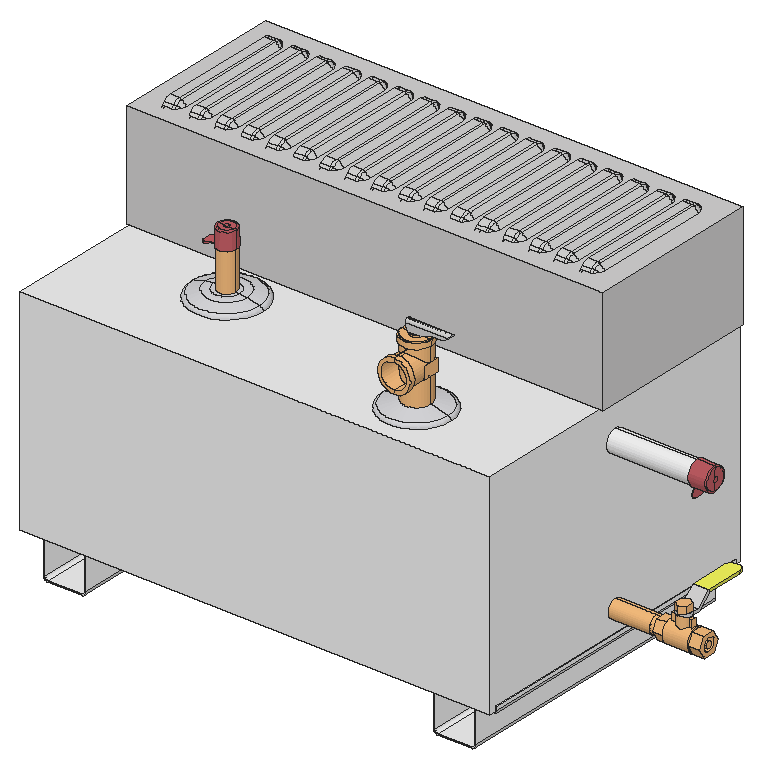
Revit family "Shower-Steam_Generator-KOHLER-Invigoration_Series-K-32335", category Plumbing Fixtures, host Face, Revit 2021 (continued)
Definition of nested family "K-32335"
  Lines and regions (in)
    symbolic lines, detail levels medium+fine
      curve 493: line (3.63386, 5.1516, 0) -> (3.8622, 5.1516, 0)
      curve 494: arc (4.22441, 0.37207, 0) -> (4.11832, 0.11595, 0) -> (3.8622, 0.00987, 0) r 0.3622
      curve 495: line (3.8622, 0.00987, 0) -> (3.63386, 0.00987, 0)
      curve 496: line (3.63386, 0.19057, 0) -> (3.88433, 0.19057, 0)
      curve 497: line (3.63386, 4.95475, 0) -> (3.88433, 4.95475, 0)
      curve 498: line (4.04181, 4.79727, 0) -> (4.04181, 0.34805, 0)
      curve 499: arc (3.88433, 0.19057, 0) -> (3.99569, 0.2367, 0) -> (4.04181, 0.34805, 0) r 0.15748
      curve 500: arc (3.88433, 4.95475, 0) -> (3.99569, 4.90862, 0) -> (4.04181, 4.79727, 0) r 0.15748
      curve 501: line (3.8622, 5.1516, 0) -> (3.8622, 4.95475, 0)
      curve 502: line (4.22441, 4.78939, 0) -> (4.04181, 4.78939, 0)
      curve 503: line (4.22441, 0.37207, 0) -> (4.04181, 0.37207, 0)
      curve 504: line (3.8622, 0.00987, 0) -> (3.8622, 0.19057, 0)
      curve 505: line (4.61811, 5.1516, 0) -> (4.61811, 0.00987, 0)
      curve 506: line (5.20866, 4.78939, 0) -> (5.20866, 0.37207, 0)
      curve 507: arc (4.84646, 5.1516, 0) -> (5.10257, 5.04551, 0) -> (5.20866, 4.78939, 0) r 0.3622
      curve 508: line (4.61811, 5.1516, 0) -> (4.84646, 5.1516, 0)
      curve 509: arc (5.20866, 0.37207, 0) -> (5.10257, 0.11595, 0) -> (4.84646, 0.00987, 0) r 0.3622
      curve 510: line (4.84646, 0.00987, 0) -> (4.61811, 0.00987, 0)
      curve 511: line (4.61811, 0.19057, 0) -> (4.86858, 0.19057, 0)
      curve 512: line (4.61811, 4.95475, 0) -> (4.86858, 4.95475, 0)
      curve 513: line (5.02607, 4.79727, 0) -> (5.02607, 0.34805, 0)
      curve 514: arc (4.86858, 0.19057, 0) -> (4.97994, 0.2367, 0) -> (5.02607, 0.34805, 0) r 0.15748
      curve 515: arc (4.86858, 4.95475, 0) -> (4.97994, 4.90862, 0) -> (5.02607, 4.79727, 0) r 0.15748
      curve 516: line (4.84646, 5.1516, 0) -> (4.84646, 4.95475, 0)
      curve 517: line (5.20866, 4.78939, 0) -> (5.02607, 4.78939, 0)
      curve 518: line (5.20866, 0.37207, 0) -> (5.02607, 0.37207, 0)
      curve 519: line (4.84646, 0.00987, 0) -> (4.84646, 0.19057, 0)
      curve 520: line (5.60236, 5.1516, 0) -> (5.60236, 0.00987, 0)
      curve 521: line (6.19291, 4.78939, 0) -> (6.19291, 0.37207, 0)
      curve 522: arc (5.83071, 5.1516, 0) -> (6.08683, 5.04551, 0) -> (6.19291, 4.78939, 0) r 0.3622
      curve 523: line (5.60236, 5.1516, 0) -> (5.83071, 5.1516, 0)
      curve 524: arc (6.19291, 0.37207, 0) -> (6.08683, 0.11595, 0) -> (5.83071, 0.00987, 0) r 0.3622
      curve 525: line (5.83071, 0.00987, 0) -> (5.60236, 0.00987, 0)
      curve 526: line (5.60236, 0.19057, 0) -> (5.85284, 0.19057, 0)
      curve 527: line (5.60236, 4.95475, 0) -> (5.85284, 4.95475, 0)
      curve 528: line (6.01032, 4.79727, 0) -> (6.01032, 0.34805, 0)
      curve 529: arc (5.85284, 0.19057, 0) -> (5.96419, 0.2367, 0) -> (6.01032, 0.34805, 0) r 0.15748
      curve 530: arc (5.85284, 4.95475, 0) -> (5.96419, 4.90862, 0) -> (6.01032, 4.79727, 0) r 0.15748
      curve 531: line (5.83071, 5.1516, 0) -> (5.83071, 4.95475, 0)
      curve 532: line (6.19291, 4.78939, 0) -> (6.01032, 4.78939, 0)
      curve 533: line (6.19291, 0.37207, 0) -> (6.01032, 0.37207, 0)
      curve 534: line (5.83071, 0.00987, 0) -> (5.83071, 0.19057, 0)
      curve 535: line (6.58661, 5.1516, 0) -> (6.58661, 0.00987, 0)
      curve 536: line (7.17717, 4.78939, 0) -> (7.17717, 0.37207, 0)
      curve 537: arc (6.81496, 5.1516, 0) -> (7.07108, 5.04551, 0) -> (7.17717, 4.78939, 0) r 0.3622
      curve 538: line (6.58661, 5.1516, 0) -> (6.81496, 5.1516, 0)
      curve 539: arc (7.17717, 0.37207, 0) -> (7.07108, 0.11595, 0) -> (6.81496, 0.00987, 0) r 0.3622
      curve 540: line (6.81496, 0.00987, 0) -> (6.58661, 0.00987, 0)
      curve 541: line (6.58661, 0.19057, 0) -> (6.83709, 0.19057, 0)
      curve 542: line (6.58661, 4.95475, 0) -> (6.83709, 4.95475, 0)
      curve 543: line (6.99457, 4.79727, 0) -> (6.99457, 0.34805, 0)
      curve 544: arc (6.83709, 0.19057, 0) -> (6.94844, 0.2367, 0) -> (6.99457, 0.34805, 0) r 0.15748
      curve 545: arc (6.83709, 4.95475, 0) -> (6.94844, 4.90862, 0) -> (6.99457, 4.79727, 0) r 0.15748
      curve 546: line (6.81496, 5.1516, 0) -> (6.81496, 4.95475, 0)
      curve 547: line (7.17717, 4.78939, 0) -> (6.99457, 4.78939, 0)
      curve 548: line (7.17717, 0.37207, 0) -> (6.99457, 0.37207, 0)
      curve 549: line (6.81496, 0.00987, 0) -> (6.81496, 0.19057, 0)
      curve 550: line (7.57087, 5.1516, 0) -> (7.57087, 0.00987, 0)
      curve 551: line (8.16142, 4.78939, 0) -> (8.16142, 0.37207, 0)
      curve 552: arc (7.79921, 5.1516, 0) -> (8.05533, 5.04551, 0) -> (8.16142, 4.78939, 0) r 0.3622
      curve 553: line (7.57087, 5.1516, 0) -> (7.79921, 5.1516, 0)
      curve 554: arc (8.16142, 0.37207, 0) -> (8.05533, 0.11595, 0) -> (7.79921, 0.00987, 0) r 0.3622
      curve 555: line (7.79921, 0.00987, 0) -> (7.57087, 0.00987, 0)
      curve 556: line (7.57087, 0.19057, 0) -> (7.82134, 0.19057, 0)
      curve 557: line (7.57087, 4.95475, 0) -> (7.82134, 4.95475, 0)
      curve 558: line (7.97882, 4.79727, 0) -> (7.97882, 0.34805, 0)
      curve 559: arc (7.82134, 0.19057, 0) -> (7.9327, 0.2367, 0) -> (7.97882, 0.34805, 0) r 0.15748
      curve 560: arc (7.82134, 4.95475, 0) -> (7.9327, 4.90862, 0) -> (7.97882, 4.79727, 0) r 0.15748
      curve 561: line (7.79921, 5.1516, 0) -> (7.79921, 4.95475, 0)
      curve 562: line (8.16142, 4.78939, 0) -> (7.97882, 4.78939, 0)
      curve 563: line (8.16142, 0.37207, 0) -> (7.97882, 0.37207, 0)
      curve 564: line (7.79921, 0.00987, 0) -> (7.79921, 0.19057, 0)
      curve 565: arc (-5.66929, -0.3799, 0) -> (-5.55118, -0.49801, 0) -> (-5.43307, -0.3799, 0) r 0.11811
      curve 566: arc (-5.43307, -0.3799, 0) -> (-5.55118, -0.26179, 0) -> (-5.66929, -0.3799, 0) r 0.11811
      curve 567: arc (5.43307, -0.3799, 0) -> (5.55118, -0.49801, 0) -> (5.66929, -0.3799, 0) r 0.11811
      curve 568: arc (5.66929, -0.3799, 0) -> (5.55118, -0.26179, 0) -> (5.43307, -0.3799, 0) r 0.11811
      curve 569: line (-8.92126, -0.70669, 0) -> (8.92126, -0.70667, 0)
      curve 570: arc (-7.90354, -5.52163, 0) -> (-7.97244, -5.59053, 0) -> (-8.04134, -5.52163, 0) r 0.0689
      curve 571: arc (-8.04134, -5.52163, 0) -> (-7.97244, -5.45273, 0) -> (-7.90354, -5.52163, 0) r 0.0689
      curve 572: arc (7.90354, -5.52163, 0) -> (7.97244, -5.59053, 0) -> (8.04134, -5.52163, 0) r 0.0689
      curve 573: arc (8.04134, -5.52163, 0) -> (7.97244, -5.45273, 0) -> (7.90354, -5.52163, 0) r 0.0689
      curve 574: circle (-4.02165, -2.30118, 0) r 1.25539 normal (0, 0, 1)
      curve 575: circle (-4.02165, -2.30118, 0) r 1.14844 normal (0, 0, 1)
      curve 576: arc (-4.47651, -2.10642, 0) -> (-3.49357, -2.26331, 0) -> (-4.44487, -2.55625, 0) r 0.51097
      curve 577: arc (-4.34385, -2.2126, 0) -> (-4.16878, -1.99416, 0) -> (-3.88981, -1.97097, 0) r 0.35431
      curve 578: arc (-4.34378, -2.47378, 0) -> (-4.16867, -2.69203, 0) -> (-3.88981, -2.71516, 0) r 0.35431
      curve 579: arc (-3.88981, -2.71516, 0) -> (-3.74596, -2.67767, 0) -> (-3.62784, -2.58739, 0) r 0.3764
      curve 580: arc (-3.62784, -2.58739, 0) -> (-3.54968, -2.44497, 0) -> (-3.53882, -2.28287, 0) r 0.3764
      curve 581: arc (-3.53882, -2.28287, 0) -> (-3.65795, -2.06349, 0) -> (-3.88981, -1.97097, 0) r 0.3672
      curve 582: line (-4.25596, -2.2126, 0) -> (-4.40987, -2.2126, 0)
      curve 583: line (-4.40987, -2.47378, 0) -> (-4.25544, -2.47378, 0)
      curve 584: arc (-4.25544, -2.47378, 0) -> (-4.27938, -2.34324, 0) -> (-4.25596, -2.2126, 0) r 0.3719
      curve 585: arc (-4.25596, -2.2126, 0) -> (-4.1123, -2.03206, 0) -> (-3.88981, -1.97097, 0) r 0.37196
      curve 586: arc (-4.25544, -2.47378, 0) -> (-4.11172, -2.65369, 0) -> (-3.88981, -2.71516, 0) r 0.37362
      curve 587: arc (-4.40987, -2.2126, 0) -> (-4.4279, -2.14991, 0) -> (-4.47651, -2.10642, 0) r 0.11787
      curve 588: arc (-4.54348, -2.09471, 0) -> (-4.62683, -2.12923, 0) -> (-4.66135, -2.21258, 0) r 0.11787
      curve 589: line (-4.66135, -2.21258, 0) -> (-4.66135, -2.47242, 0)
      curve 590: arc (-4.66135, -2.47242, 0) -> (-4.62683, -2.55576, 0) -> (-4.54348, -2.59029, 0) r 0.11787
      curve 591: arc (-4.49031, -2.58419, 0) -> (-4.43247, -2.54183, 0) -> (-4.40987, -2.47378, 0) r 0.11787
      curve 592: arc (-4.4807, -2.51946, 0) -> (-4.46678, -2.51369, 0) -> (-4.46101, -2.49977, 0) r 0.01968
      curve 593: line (-4.46101, -2.49977, 0) -> (-4.46101, -2.18522, 0)
      curve 594: arc (-4.46101, -2.18522, 0) -> (-4.46678, -2.1713, 0) -> (-4.4807, -2.16554, 0) r 0.01968
      curve 595: arc (-4.58265, -2.16554, 0) -> (-4.59657, -2.1713, 0) -> (-4.60233, -2.18522, 0) r 0.01968
      curve 596: line (-4.60233, -2.18522, 0) -> (-4.60233, -2.49977, 0)
      curve 597: arc (-4.60233, -2.49977, 0) -> (-4.59657, -2.51369, 0) -> (-4.58265, -2.51946, 0) r 0.01968
      curve 598: arc (-4.57498, -2.16533, 0) -> (-4.56106, -2.1711, 0) -> (-4.55529, -2.18502, 0) r 0.01968
      curve 599: line (-4.55529, -2.18502, 0) -> (-4.55529, -2.49998, 0)
      curve 600: arc (-4.55529, -2.49998, 0) -> (-4.56106, -2.5139, 0) -> (-4.57498, -2.51966, 0) r 0.01968
      curve 601: arc (-4.50786, -2.09615, 0) -> (-4.52566, -2.09507, 0) -> (-4.54348, -2.09471, 0) r 0.44017
      curve 602: arc (-4.47651, -2.10642, 0) -> (-4.49158, -2.09943, 0) -> (-4.50786, -2.09615, 0) r 0.07068
      curve 603: arc (-4.54348, -2.59029, 0) -> (-4.51672, -2.58876, 0) -> (-4.49031, -2.58419, 0) r 0.23484
      curve 604: arc (-4.48816, -2.16554, 0) -> (-4.50208, -2.1713, 0) -> (-4.50784, -2.18522, 0) r 0.01968
      curve 605: line (-4.50784, -2.18522, 0) -> (-4.50784, -2.49977, 0)
      curve 606: arc (-4.50784, -2.49977, 0) -> (-4.50208, -2.51369, 0) -> (-4.48816, -2.51946, 0) r 0.01968
      curve 607: arc (5.80466, -3.88631, 0) -> (3.28944, -3.97821, 0) -> (5.80216, -4.12318, 0) r 1.25984
      curve 608: line (5.80466, -3.88631, 0) -> (5.88153, -3.88631, 0)
      curve 609: line (5.80216, -4.12318, 0) -> (5.86693, -4.12318, 0)
      curve 610: arc (5.91503, -3.905, 0) -> (5.9425, -3.99879, 0) -> (5.9182, -4.09345, 0) r 0.18443
      curve 611: arc (5.88153, -3.88631, 0) -> (5.90071, -3.8913, 0) -> (5.91503, -3.905, 0) r 0.03937
      curve 612: arc (5.86693, -4.12318, 0) -> (5.89656, -4.11521, 0) -> (5.9182, -4.09345, 0) r 0.05906
      curve 613: line (5.80466, -3.88631, 0) -> (4.28188, -3.88631, 0)
      curve 614: line (5.80216, -4.12318, 0) -> (4.27938, -4.12318, 0)
      curve 615: arc (4.27068, -3.9219, 0) -> (4.2671, -3.99898, 0) -> (4.27068, -4.07605, 0) r 0.8315
      curve 616: arc (4.28188, -3.88631, 0) -> (4.27438, -3.90351, 0) -> (4.27068, -3.9219, 0) r 0.0886
      curve 617: arc (4.27068, -4.07605, 0) -> (4.27397, -4.09981, 0) -> (4.27938, -4.12318, 0) r 0.26739
      curve 618: arc (5.14109, -3.88631, 0) -> (5.10918, -3.78424, 0) -> (5.05878, -3.68992, 0) r 0.57045
      curve 619: line (5.05878, -3.68992, 0) -> (5.15384, -3.68992, 0)
      curve 620: line (5.15384, -3.68992, 0) -> (5.15384, -3.88631, 0)
      curve 621: arc (5.05878, -3.68992, 0) -> (4.58307, -3.4343, 0) -> (4.10737, -3.68992, 0) r 0.57045
      curve 622: line (5.15384, -4.3211, 0) -> (5.11944, -4.3211, 0)
      curve 623: line (5.11944, -4.3211, 0) -> (5.11944, -4.19899, 0)
      curve 624: arc (5.11944, -4.19899, 0) -> (5.13158, -4.16146, 0) -> (5.14109, -4.12318, 0) r 0.57045
      curve 625: line (5.15384, -4.12318, 0) -> (5.15384, -4.3211, 0)
      curve 626: line (4.10737, -3.68992, 0) -> (4.01262, -3.68992, 0)
      curve 627: line (4.01262, -4.00475, 0) -> (4.01262, -3.68992, 0)
      curve 628: arc (4.10737, -3.68992, 0) -> (4.32674, -4.51436, 0) -> (5.11944, -4.19899, 0) r 0.57045
      curve 629: line (4.04626, -4.19774, 0) -> (4.04626, -4.32084, 0)
      curve 630: line (4.01262, -4.00475, 0) -> (4.01262, -4.32084, 0)
      curve 631: line (4.01262, -4.32084, 0) -> (4.04626, -4.32084, 0)
      curve 632: line (4.01262, -4.32084, 0) -> (4.01262, -4.87196, 0)
      curve 633: line (4.01262, -4.87196, 0) -> (3.97197, -4.87196, 0)
      curve 634: line (3.97197, -4.87196, 0) -> (3.97197, -5.06881, 0)
      curve 635: line (3.97197, -5.06881, 0) -> (4.59843, -5.06881, 0)
      curve 636: line (5.15384, -4.3211, 0) -> (5.15384, -4.87221, 0)
      curve 637: line (5.15384, -4.87221, 0) -> (5.19448, -4.87221, 0)
      curve 638: line (5.19448, -4.87221, 0) -> (5.19448, -5.06881, 0)
      curve 639: line (5.19448, -5.06881, 0) -> (4.59843, -5.06881, 0)
      curve 640: line (4.01262, -4.87196, 0) -> (5.15384, -4.87221, 0)
      curve 641: arc (3.97197, -5.00167, 0) -> (4.58323, -2.84224, 0) -> (5.19448, -5.00167, 0) r 1.16623
      curve 642: line (-8.78594, -0.70669, 0) -> (-8.78594, -5.86811, 0)
      curve 643: line (-8.92126, -2.93435, 0) -> (-8.92126, -5.17912, 0)
      curve 644: line (-8.9685, 5.11323, 0) -> (-8.9685, 2.9649, 0)
      curve 645: line (8.78841, -0.70667, 0) -> (8.78841, -5.86811, 0)
      curve 646: line (8.86614, 0, 2.89247) -> (8.86614, 0, 2.22318)
      curve 647: arc (8.84646, 0, 1.5342) -> (8.85706, 0, 1.53624) -> (8.86614, 0, 1.54208) r 0.02854
      curve 648: line (0, 0.0111, 13.53937) -> (0, 5.15037, 13.53937)
      curve 649: line (0, -0.01023, 3.65714) -> (0, -0.01023, 3.40693)
  Dimensions and locks (in)
    plane 35 to plane 17 = 2.54786"
    plane 36 to plane 19 "FF" = 1.34408"
    aligned and locked: plane 2 to level
    aligned and locked: Revolve 43 sketch curve to cut or joined group of Extrusion 45, Extrusion 46
    aligned and locked: Extrusion 47 to cut or joined group of Extrusion 45, Extrusion 46
    aligned and locked: plane 7 to Masking region 2 sketch curve
    aligned and locked: plane 28 to Masking region 3 sketch curve  (x2)
    aligned and locked: Masking region 3 sketch curve to plane 6
    aligned and locked: plane 15 to Masking region 3 sketch curve
    aligned and locked: Masking region 3 sketch curve to plane 16
    aligned and locked: Masking region 3 sketch curve to plane 29
    aligned and locked: plane 32 to Revolve 33 sketch curve
    aligned and locked: plane 32 to Extrusion 56
    aligned and locked: plane 34 to Masking region 1 sketch curve
    aligned and locked: plane 33 to Masking region 1 sketch curve
    aligned and locked: plane 17 to Extrusion 57 sketch curve
    aligned and locked: plane 13 to Extrusion 57 sketch curve
